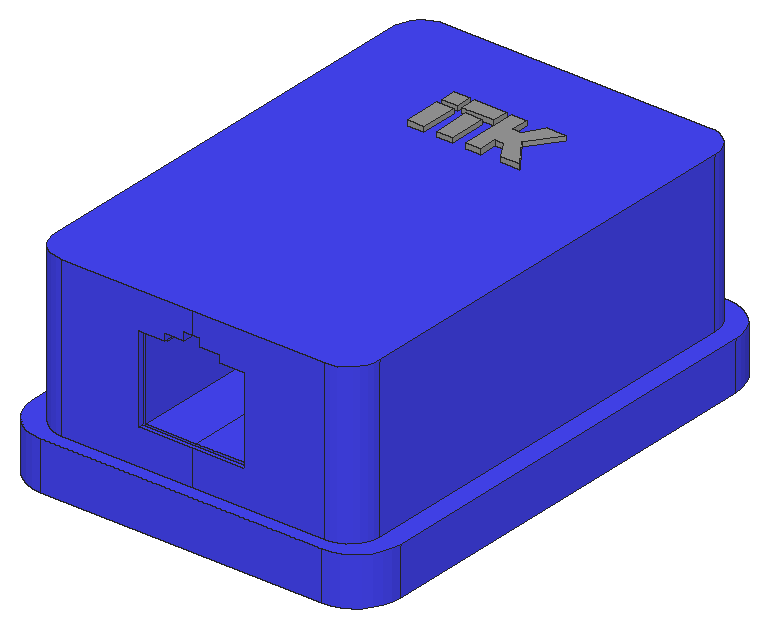
Revit family "ITK_Информационная розетка категория 3_Неэкранированная_1 порт_IP20", category Обобщенные модели, Revit 2019
Family settings
  Может служить основой для арматурных стержней = Нет
  Размер круглого соединителя = Использовать диаметр
  Тип детали = Нормальный
  На основе рабочей плоскости = Нет
  Всегда вертикально = Да
  При загрузке вырезать с полостями = Нет
  Общий = Нет
  Точка расчета площади = Нет
Parameters (values of type "CS2-3C3U-12")
  Ширина = 42 mm  # constant formula
  Степень защиты = "IP20"  # constant formula
  Материал = Пластик белый
  Изготовитель = "ITK"  # constant formula
  Дата изменения = ""
  Глубина = 58 mm  # constant formula
  Высота = 23.5 mm  # constant formula
  URL = "https://www.iek.ru/"
  KSI_CPr_Строительные изделия = ""
  KSI_CMa_Строительные материалы = "01.7.14.03"  # constant formula
  IEK_Цена за единицу = 55.74
  IEK_Поиск в таблице имен = ""
  IEK_Описание = "Соответствие международным стандартам качества, что обеспечивает совместимость с компонентами для СКС и с кабелем других производителей.\r\nИзготовлены из высококачественных негорючих материалов и отличаются надежностью и удобством эксплуатации."
  IEK_URL = "https://www.itk-group.ru/produktsiya/catalog/oborudovanie_telekommunikatsionnoe/komponenty_sks_mednye/rozetki_adaptery_i_moduli_keystone/moduli_keystone_jack_informatsionnye_rozetki_rozetochnye_korpusa_i_adaptery/informatsionnnye_rozetki/informatsionnnye_rozetki_nastennye_neekranirovanye_utp/itk_nastennaya_rozetka_rj12_6p4c_kat_3_utp_1_port_belaya"
  ADSK_Примечание = ""
  ADSK_Позиция [instance] = ""
  ADSK_Наименование = "ITK Настенная розетка RJ12, кат.3 UTP, 1-порт"
  ADSK_Материал обозначение = ""
  ADSK_Материал наименование = "АБС-пластик"  # constant formula
  ADSK_Масса = 0.0125
  ADSK_Марка = ""  # constant formula
  ADSK_Код изделия = "CS2-3C3U-12"
  ADSK_Завод-изготовитель = "IEK"  # constant formula
  ADSK_Единица измерения = "шт"  # constant formula
  ADSK_Группирование = "I. ЩИТЫ И ПУЛЬТЫ"  # constant formula
  ADSK_Версия семейства = "1.0"  # constant formula
  ADSK_Версия Revit = "2019"  # constant formula
  ADSK_URL страницы изделия = "https://www.itk-group.ru/produktsiya/catalog/oborudovanie_telekommunikatsionnoe/komponenty_sks_mednye/rozetki_adaptery_i_moduli_keystone/moduli_keystone_jack_informatsionnye_rozetki_rozetochnye_korpusa_i_adaptery/informatsionnnye_rozetki/informatsionnnye_rozetki_nastennye_neekranirovanye_utp/"
Reference planes
  plane 1 "По центру (Вперед/Назад)": y = -5.683
  plane 2: z = 0
  plane 3 "По центру (Влево/Вправо)": x = 0
  plane 4: y = 23.317
  plane 5: y = -34.683
  plane 6: x = -21
  plane 7: x = 21
  plane 8: z = 23.5
Forms (mm)
  Extrusion 1, solid, material "Пластик белый", detail levels fine
    sketch origin (0, 0, 0) x (1, 0, 0) y (0, 1, 0)
      loop
        line (-21, 18.119) -> (-21, -29.683)
        arc (-21, -29.683) -> (-19.536, -33.219) -> (-16, -34.683) r 5
        line (-16, -34.683) -> (16, -34.683)
        arc (16, -34.683) -> (19.536, -33.219) -> (21, -29.683) r 5
        line (21, -29.683) -> (21, 18.119)
        arc (21, 18.119) -> (19.536, 21.655) -> (16, 23.119) r 5
        line (16, 23.119) -> (-16, 23.119)
        arc (-16, 23.119) -> (-19.536, 21.655) -> (-21, 18.119) r 5
    from 5.5 to 0
  Extrusion 2, solid, material "Пластик белый", detail levels fine
    sketch origin (0, 0, 0) x (1, 0, 0) y (0, 1, 0)
      loop
        arc (-18.366, -29.654) -> (-17.333, -32.15) -> (-14.838, -33.183) r 3.529
        line (-14.838, -33.183) -> (0.005, -33.183) -> (15.102, -33.183)
        arc (15.102, -33.183) -> (17.597, -32.15) -> (18.63, -29.654) r 3.529
        line (18.63, -29.654) -> (18.63, 18.091)
        arc (18.63, 18.091) -> (17.597, 20.586) -> (15.102, 21.619) r 3.529
        line (15.102, 21.619) -> (-14.838, 21.619)
        arc (-14.838, 21.619) -> (-17.333, 20.586) -> (-18.366, 18.091) r 3.529
        line (-18.366, 18.091) -> (-18.366, -29.654)
    from 2 to 23.5
  Extrusion 3, void
    sketch origin (0, 0, 0) x (1, 0, 0) y (0, 1, 0)
      loop
        line (-18.366, 18.091) -> (-18.366, -29.654)
        arc (-18.366, -29.654) -> (-17.333, -32.15) -> (-14.838, -33.183) r 3.529
        line (-14.838, -33.183) -> (15.102, -33.183)
        arc (15.102, -33.183) -> (17.597, -32.15) -> (18.63, -29.654) r 3.529
        line (18.63, -29.654) -> (18.63, 18.091)
        arc (18.63, 18.091) -> (17.597, 20.586) -> (15.102, 21.619) r 3.529
        line (15.102, 21.619) -> (-14.838, 21.619)
        arc (-14.838, 21.619) -> (-17.333, 20.586) -> (-18.366, 18.091) r 3.529
    from 2 to 23.5
  Extrusion 4, solid, material "Пластик белый", detail levels fine
    sketch origin (13.85, -5.683, 0) x (1, 0, 0) y (0, 0, 1)
      loop
        line (-7.8, 19.35) -> (-19.9, 19.35) -> (-19.9, 9.5) -> (-7.8, 9.5) -> (-7.8, 19.35)
    from -7.773 to 26.974
  Extrusion 5, void
    sketch origin (0, -5.683, 0) x (1, 0, 0) y (0, 0, 1)
      loop
        line (0, 21.092) -> (-0.93, 21.092) -> (-0.93, 20.124) -> (-3.136, 20.124) -> (-3.136, 19.075) -> (-5.691, 19.075) -> (-5.691, 9.742) -> (0, 9.742) -> (5.691, 9.742) -> (5.691, 19.075) -> (3.136, 19.075) -> (3.136, 20.124) -> (0.93, 20.124) -> (0.93, 21.092) -> (0, 21.092)
    from 2 to 31.3
  Extrusion 6, solid, material "Окраска - RAL 9005", detail levels fine
    sketch origin (2.047, -4.201, 23.5) x (1, 0, 0) y (0, 1, 0)
      loop
        line (-8.095, 13.526) -> (-8.095, 9.294) -> (-6.245, 9.294) -> (-6.245, 13.526) -> (-8.095, 13.526)
      loop
        line (-8.095, 14.116) -> (-6.245, 14.116) -> (-6.245, 15.911) -> (-8.095, 15.911) -> (-8.095, 14.116)
      loop
        line (-1.493, 15.911) -> (-1.493, 9.294) -> (0.251, 9.294) -> (0.251, 11.342) -> (1.2, 11.342) -> (2.53, 9.294) -> (4.655, 9.294) -> (2.247, 12.608) -> (4.655, 15.911) -> (2.53, 15.911) -> (1.2, 13.863) -> (0.251, 13.863) -> (0.251, 15.911) -> (-1.493, 15.911)
      loop
        line (-5.717, 14.116) -> (-2.094, 14.116) -> (-2.094, 15.911) -> (-5.717, 15.911) -> (-5.717, 14.116)
      loop
        line (-4.813, 13.526) -> (-4.813, 9.294) -> (-2.963, 9.294) -> (-2.963, 13.526) -> (-4.813, 13.526)
    from 0 to 0.554
  Extrusion 7, solid, material "Условный материал-отделка", detail levels coarse+medium
    sketch origin (0, 0, 0) x (1, 0, 0) y (0, 1, 0)
      loop
        line (-21, 23.317) -> (-21, -34.683) -> (21, -34.683) -> (21, 23.317) -> (-21, 23.317)
    from 0 to 25.5
  Extrusion 8, void
    sketch origin (0, -5.683, 0) x (1, 0, 0) y (0, 0, 1)
      loop
        line (6.05, 19.35) -> (-6.05, 19.35) -> (-6.05, 9.5) -> (6.05, 9.5) -> (6.05, 19.35)
    from 0 to 31.3
  Extrusion 9, void
    sketch origin (0, -5.683, 0) x (1, 0, 0) y (0, 0, 1)
      loop
        line (3.25, 5.5) -> (3.25, 9.75)
        arc (3.25, 9.75) -> (0, 13) -> (-3.25, 9.75) r 3.25
        line (-3.25, 9.75) -> (-3.25, 5.5) -> (3.25, 5.5)
    from -28.803 to -15.008
  Extrusion 10, void
    sketch origin (0, 0, 0) x (1, 0, 0) y (0, 1, 0)
      loop
        line (-15.772, 16.307) -> (-15.772, -26.617)
        arc (-15.772, -26.617) -> (-14.48, -29.735) -> (-11.362, -31.026) r 4.41
        line (-11.362, -31.026) -> (12.725, -31.026)
        arc (12.725, -31.026) -> (15.067, -30.056) -> (16.037, -27.714) r 3.312
        line (16.037, -27.714) -> (16.037, 15.997)
        arc (16.037, 15.997) -> (15.166, 18.102) -> (13.061, 18.974) r 2.977
        line (13.061, 18.974) -> (-13.105, 18.974)
        arc (-13.105, 18.974) -> (-14.991, 18.193) -> (-15.772, 16.307) r 2.666
    from 3.254 to 20.124
Cuts and joins
  Extrusion 3, Extrusion 10 cuts Extrusion 1
  Extrusion 5, Extrusion 8, Extrusion 9, Extrusion 10 cuts Extrusion 2
  Extrusion 5, Extrusion 9 cuts Extrusion 4
  Extrusion 9, Extrusion 10 cuts Extrusion 7
  Extrusion 10 cuts Extrusion 6
Dimensions and locks
  equal spacing: plane 4, plane 1 "По центру (Вперед/Назад)", plane 5
  "Высота": plane 8 to level
  "Глубина": plane 4 to plane 5
  equal spacing: plane 6, plane 3 "По центру (Влево/Вправо)", plane 7
  "Ширина": plane 6 to plane 7
  aligned and locked: level to plane 2
  aligned and locked: Extrusion 1 to plane 5
  aligned and locked: Extrusion 1 to plane 6
  aligned and locked: Extrusion 1 to cut or joined group of Extrusion 2, Extrusion 5, Extrusion 8, Extrusion 9, Extrusion 10
Automatic sketch dimensions
  Extrusion 1 sketch curve to plane 5 = 0 mm
  Extrusion 1 sketch curve to plane 4 = 5.197 mm  (x2)
  Extrusion 1 sketch curve to plane 3 "По центру (Влево/Вправо)" = 21 mm
  Extrusion 1 sketch curve to plane 4 = 0.197 mm
  Extrusion 1 sketch curve to Extrusion 1 sketch curve = 5 mm
  plane 3 "По центру (Влево/Вправо)" to Extrusion 1 sketch curve = 16 mm  (x2)
  Extrusion 2 sketch curve to Extrusion 2 sketch curve = 3.529 mm  (x4)
  plane 3 "По центру (Влево/Вправо)" to Extrusion 2 sketch curve = 0.005 mm
  plane 5 to Extrusion 2 sketch curve = 5.029 mm
  level to Extrusion 5 sketch curve = 9.742 mm
  Extrusion 5 sketch curve to plane 3 "По центру (Влево/Вправо)" = 5.691 mm
  Extrusion 5 sketch curve to Extrusion 5 sketch curve = 2.555 mm
  Extrusion 5 sketch curve to Extrusion 5 sketch curve = 2.205 mm  (x2)
  Extrusion 5 sketch curve to Extrusion 5 sketch curve = 0.93 mm  (x2)
  Extrusion 5 sketch curve to Extrusion 5 sketch curve = 5.691 mm  (x2)
  Extrusion 5 sketch curve to Extrusion 5 sketch curve = 9.333 mm
  Extrusion 5 sketch curve to Extrusion 5 sketch curve = 0 mm
  Extrusion 5 sketch curve to Extrusion 5 sketch curve = 1.049 mm  (x2)
  Extrusion 5 sketch curve to Extrusion 5 sketch curve = 0.968 mm
  Extrusion 6 sketch curve to plane 3 "По центру (Влево/Вправо)" = 6.048 mm
  Extrusion 6 sketch curve to Extrusion 6 sketch curve = 0 mm  (x8)
  Extrusion 6 sketch curve to Extrusion 6 sketch curve = 1.85 mm
  Extrusion 6 sketch curve to Extrusion 6 sketch curve = 0.528 mm
  Extrusion 6 sketch curve to Extrusion 6 sketch curve = 0.904 mm
  Extrusion 6 sketch curve to plane 3 "По центру (Влево/Вправо)" = 0.916 mm
  Extrusion 6 sketch curve to plane 3 "По центру (Влево/Вправо)" = 0.047 mm
  plane 3 "По центру (Влево/Вправо)" to Extrusion 6 sketch curve = 0.554 mm
  Extrusion 6 sketch curve to Extrusion 6 sketch curve = 1.744 mm  (x2)
  Extrusion 6 sketch curve to Extrusion 6 sketch curve = 0.948 mm  (x2)
  Extrusion 6 sketch curve to Extrusion 6 sketch curve = 1.047 mm
  Extrusion 6 sketch curve to Extrusion 6 sketch curve = 2.278 mm  (x2)
  Extrusion 6 sketch curve to Extrusion 6 sketch curve = 2.125 mm  (x2)
  Extrusion 6 sketch curve to plane 1 "По центру (Вперед/Назад)" = 10.776 mm
  Extrusion 6 sketch curve to Extrusion 6 sketch curve = 2.048 mm  (x2)
  Extrusion 6 sketch curve to Extrusion 6 sketch curve = 1.266 mm
  Extrusion 6 sketch curve to Extrusion 6 sketch curve = 2.184 mm
  Extrusion 6 sketch curve to Extrusion 6 sketch curve = 1.255 mm
  Extrusion 6 sketch curve to Extrusion 6 sketch curve = 0.59 mm
  Extrusion 6 sketch curve to Extrusion 6 sketch curve = 1.795 mm  (x2)
  plane 6 to Extrusion 2 sketch curve = 6.162 mm
  Extrusion 2 sketch curve to plane 7 = 5.898 mm
  Extrusion 2 sketch curve to plane 4 = 5.226 mm
  Extrusion 7 sketch curve to plane 5 = 0 mm
  Extrusion 7 sketch curve to plane 6 = 0 mm
  Extrusion 7 sketch curve to plane 7 = 0 mm
  Extrusion 7 sketch curve to plane 4 = 0 mm
  Extrusion 4 sketch curve to plane 3 "По центру (Влево/Вправо)" = 6.05 mm
  plane 3 "По центру (Влево/Вправо)" to Extrusion 4 sketch curve = 6.05 mm
  Extrusion 8 sketch curve to plane 3 "По центру (Влево/Вправо)" = 6.05 mm
  plane 3 "По центру (Влево/Вправо)" to Extrusion 8 sketch curve = 6.05 mm
  level to Extrusion 8 sketch curve = 9.5 mm
  plane 8 to Extrusion 8 sketch curve = 4.15 mm
  level to Extrusion 4 sketch curve = 9.5 mm
  plane 8 to Extrusion 4 sketch curve = 4.15 mm
  plane 6 to Extrusion 3 sketch curve = 2.634 mm
  Extrusion 3 sketch curve to Extrusion 3 sketch curve = 3.529 mm  (x4)
  Extrusion 3 sketch curve to plane 7 = 5.898 mm
  plane 5 to Extrusion 3 sketch curve = 1.5 mm
  Extrusion 3 sketch curve to plane 4 = 5.226 mm
  Extrusion 9 sketch curve to plane 3 "По центру (Влево/Вправо)" = 0 mm
  plane 3 "По центру (Влево/Вправо)" to Extrusion 9 sketch curve = 3.25 mm
  level to Extrusion 9 sketch curve = 5.5 mm
  Extrusion 9 sketch curve to Extrusion 9 sketch curve = 4.25 mm
  plane 6 to Extrusion 10 sketch curve = 5.228 mm
  Extrusion 10 sketch curve to Extrusion 10 sketch curve = 2.666 mm
  Extrusion 10 sketch curve to Extrusion 10 sketch curve = 4.41 mm
  plane 5 to Extrusion 10 sketch curve = 3.657 mm
  Extrusion 10 sketch curve to plane 7 = 8.275 mm
  Extrusion 10 sketch curve to plane 4 = 4.343 mm
  Extrusion 10 sketch curve to plane 7 = 7.939 mm
  Extrusion 10 sketch curve to Extrusion 10 sketch curve = 2.977 mm
